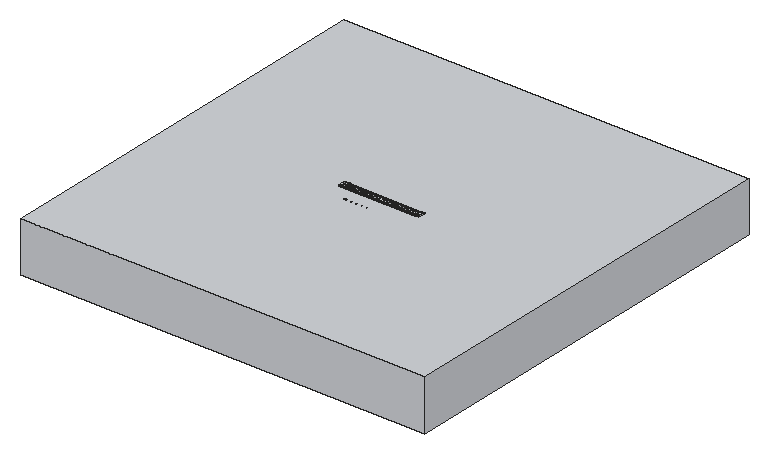
Revit family
Parameters (values of type "TM-PNLZ-24")
  Weight = 1.99 lbf
  U/M = "EA"
  U Space = "1"
  System = "Cat 6A Shielded"
  Serial Number = "TM-PNLZ-24"
  Segment = "COPPER"
  Ports = "24"
  Model = "PATCH PANEL"
  Metal = none
  Manufacturer = "SIEMON"
  Loaded/Empty = "Empty"
  Item Group = "PATCH PANELS"
  Item Class = "GF"
  Description = "TERA/MAX PATCH PANEL,24 PORT,1RMS,PLATED"
  Default Elevation = 4' - 0"
  Color = "Silver"
Types (3): name | Weight | Serial Number | Description | Color
  (no name) | 1.99 lbf | "TM-PNLZ-24" | "TERA/MAX PATCH PANEL,24 PORT,1RMS,PLATED" | "Silver"
  TM-PNLZ-24 | 1.99 lbf | "TM-PNLZ-24" | "TERA/MAX PATCH PANEL,24 PORT,1RMS,PLATED" | "Silver"
  TM-PNLZ-24-01 | 2.00 lbf | "TM-PNLZ-24-01" | "TERA/MAX PATCH PANEL,24 PORT,1RMS,BLACK" | "Black"
Reference planes (in)
  plane 1 "Center (Front/Back)": y = 0
  plane 2: z = 0
  plane 3 "Center (Left/Right)": x = 0
Forms (in)
  Extrusion 1, solid
    sketch origin (0, 0, 0) x (1, 0, 0) y (0, 1, 0)
      loop
        line (-48, 48) -> (-48, -48) -> (48, -48) -> (48, 48) -> (-48, 48)
    from 0 to -12
Dimensions and locks (in)
  aligned and locked: plane 2 to Extrusion 1
  aligned and locked: level to Extrusion 1
Nested families (in)
  nested 1: "TM-PNLZ-24(-01)[1]" at (0, 1.51423, -1.95094), type "Black_TM-PNLZ-24-01"
Definition of nested family "TM-PNLZ-24(-01)[1]"
  Parameters (values of type "Metallic_TM-PNLZ-24")
    Weight = "0.9 kgs (2.0 lbs)"
    UL Rating = "UL 1863"
    U Space / Capacity = "1U"
    Text = Text1
    Part Number = "TM-PNLZ-24"
    Metallic = yes
    Material = Cold rolled steel (CRS) w/ metallic finish
    Manufacturer Contact Info / Website = "www.siemon.com"
    Manufacturer = "Siemon"
    Dimensions (H x W x D) = "44.5mm x 483mm x 98mm\r\n(1.75 in. x 19.0 in. x 3.85 in.)"
    Description = "TERA-MAX Patch Panel"
    Clearance = "50mm (2.0 in.) Front and Rear"
    Black = no
  Types (3): name | Text | Part Number | Metallic | Material | Black
    (no name) | Text1 | "TM-PNLZ-24" | yes | Cold rolled steel (CRS) w/ metallic finish | no
    Black_TM-PNLZ-24-01 | Text | "TM-PNLZ-24-01" | no | Cold rolled steel (CRS) w/ black finish | yes
    Metallic_TM-PNLZ-24 | Text1 | "TM-PNLZ-24" | yes | Cold rolled steel (CRS) w/ metallic finish | no
  Reference planes (in)
    plane 1 "Center (Front/Back)": y = -1.51423
    plane 2: z = 1.95094
    plane 3 "Center (Left/Right)": x = 0
    plane 4: y = -2.62326
    plane 5: y = -2.62326
  Forms (in)
    Extrusion 1, solid, material "Cold rolled steel (CRS) w/ metallic finish" <- "Material"
      sketch origin (38.18176, -7.67018, 6.66186) x (0, 0, 1) y (0, -1, 0)
        loop
          arc (-4.65312, -4.69652) -> (-4.62354, -4.70979) -> (-4.61377, -4.7407) r 0.03961
          line (-4.61377, -4.7407) -> (-4.55267, -4.7407)
          arc (-4.55267, -4.7407) -> (-4.58042, -4.66667) -> (-4.65312, -4.63558) r 0.10055
          line (-4.65312, -4.63558) -> (-7.09165, -4.63558)
          arc (-7.09165, -4.63558) -> (-7.14116, -4.64862) -> (-7.17784, -4.68434) r 0.10055
          line (-7.17784, -4.68434) -> (-7.44212, -5.12419)
          arc (-7.44212, -5.12419) -> (-7.45657, -5.13826) -> (-7.47608, -5.1434) r 0.03961
          line (-7.47608, -5.1434) -> (-7.47608, -5.20434)
          arc (-7.47608, -5.20434) -> (-7.42656, -5.1913) -> (-7.38989, -5.15558) r 0.10055
          line (-7.38989, -5.15558) -> (-7.1256, -4.71573)
          arc (-7.1256, -4.71573) -> (-7.11116, -4.70166) -> (-7.09165, -4.69652) r 0.03961
          line (-7.09165, -4.69652) -> (-4.65312, -4.69652)
      from -46.88806 to -29.63806
    Extrusion 2, solid, material "Cold rolled steel (CRS) w/ metallic finish" <- "Material"
      sketch origin (-31.07289, 80.31422, -4.2342) x (0, -1, 0) y (1, 0, 0)
        loop
          arc (81.61182, 21.6097) -> (81.64641, 21.52619) -> (81.72993, 21.49159) r 0.11811
          line (81.72993, 21.49159) -> (83.23071, 21.49159)
          arc (83.23071, 21.49159) -> (83.31423, 21.52619) -> (83.34882, 21.6097) r 0.11811
          line (83.34882, 21.6097) -> (83.34882, 22.27659) -> (83.2437, 22.27659) -> (83.2437, 39.70659) -> (83.34882, 39.70659) -> (83.34882, 40.37159)
          arc (83.34882, 40.37159) -> (83.31367, 40.45645) -> (83.22882, 40.49159) r 0.12
          line (83.22882, 40.49159) -> (81.73369, 40.49159)
          arc (81.73369, 40.49159) -> (81.64752, 40.4559) -> (81.61182, 40.36972) r 0.12188
          line (81.61182, 40.36972) -> (81.61182, 39.70659) -> (81.71682, 39.70659) -> (81.71682, 22.27659) -> (81.61182, 22.27659) -> (81.61182, 21.6097)
        loop
          line (82.29982, 22.30659) -> (83.06882, 22.30659) -> (83.06882, 22.89159) -> (82.29982, 22.89159) -> (82.29982, 22.30659)
        loop
          arc (81.71532, 21.76459) -> (81.85532, 21.62459) -> (81.99532, 21.76459) r 0.14
          line (81.99532, 21.76459) -> (81.99532, 21.89059)
          arc (81.99532, 21.89059) -> (81.85532, 22.03059) -> (81.71532, 21.89059) r 0.14
          line (81.71532, 21.89059) -> (81.71532, 21.76459)
        loop
          arc (82.96532, 21.76459) -> (83.10532, 21.62459) -> (83.24532, 21.76459) r 0.14
          line (83.24532, 21.76459) -> (83.24532, 21.89059)
          arc (83.24532, 21.89059) -> (83.10532, 22.03059) -> (82.96532, 21.89059) r 0.14
          line (82.96532, 21.89059) -> (82.96532, 21.76459)
        loop
          line (82.29982, 23.03594) -> (83.06882, 23.03594) -> (83.06882, 23.62094) -> (82.29982, 23.62094) -> (82.29982, 23.03594)
        loop
          line (82.29982, 23.76529) -> (83.06882, 23.76529) -> (83.06882, 24.35029) -> (82.29982, 24.35029) -> (82.29982, 23.76529)
        loop
          line (82.29982, 24.49464) -> (83.06882, 24.49464) -> (83.06882, 25.07964) -> (82.29982, 25.07964) -> (82.29982, 24.49464)
        loop
          line (82.29982, 25.22399) -> (83.06882, 25.22399) -> (83.06882, 25.80899) -> (82.29982, 25.80899) -> (82.29982, 25.22399)
        loop
          line (82.29982, 25.95334) -> (83.06882, 25.95334) -> (83.06882, 26.53834) -> (82.29982, 26.53834) -> (82.29982, 25.95334)
        loop
          line (82.29982, 26.68269) -> (83.06882, 26.68269) -> (83.06882, 27.26769) -> (82.29982, 27.26769) -> (82.29982, 26.68269)
        loop
          line (82.29982, 27.41204) -> (83.06882, 27.41204) -> (83.06882, 27.99704) -> (82.29982, 27.99704) -> (82.29982, 27.41204)
        loop
          line (82.29982, 28.14139) -> (83.06882, 28.14139) -> (83.06882, 28.72639) -> (82.29982, 28.72639) -> (82.29982, 28.14139)
        loop
          line (82.29982, 28.87074) -> (83.06882, 28.87074) -> (83.06882, 29.45574) -> (82.29982, 29.45574) -> (82.29982, 28.87074)
        loop
          line (82.29982, 29.60009) -> (83.06882, 29.60009) -> (83.06882, 30.18509) -> (82.29982, 30.18509) -> (82.29982, 29.60009)
        loop
          line (82.29982, 30.32944) -> (83.06882, 30.32944) -> (83.06882, 30.91444) -> (82.29982, 30.91444) -> (82.29982, 30.32944)
        loop
          line (82.29982, 31.05879) -> (83.06882, 31.05879) -> (83.06882, 31.64379) -> (82.29982, 31.64379) -> (82.29982, 31.05879)
        loop
          line (82.29982, 31.78814) -> (83.06882, 31.78814) -> (83.06882, 32.37314) -> (82.29982, 32.37314) -> (82.29982, 31.78814)
        loop
          line (82.29982, 32.51749) -> (83.06882, 32.51749) -> (83.06882, 33.10249) -> (82.29982, 33.10249) -> (82.29982, 32.51749)
        loop
          line (82.29982, 33.24684) -> (83.06882, 33.24684) -> (83.06882, 33.83184) -> (82.29982, 33.83184) -> (82.29982, 33.24684)
        loop
          line (82.29982, 33.97619) -> (83.06882, 33.97619) -> (83.06882, 34.56119) -> (82.29982, 34.56119) -> (82.29982, 33.97619)
        loop
          line (82.29982, 34.70554) -> (83.06882, 34.70554) -> (83.06882, 35.29054) -> (82.29982, 35.29054) -> (82.29982, 34.70554)
        loop
          line (82.29982, 35.43489) -> (83.06882, 35.43489) -> (83.06882, 36.01989) -> (82.29982, 36.01989) -> (82.29982, 35.43489)
        loop
          line (82.29982, 36.16424) -> (83.06882, 36.16424) -> (83.06882, 36.74924) -> (82.29982, 36.74924) -> (82.29982, 36.16424)
        loop
          line (82.29982, 36.89359) -> (83.06882, 36.89359) -> (83.06882, 37.47859) -> (82.29982, 37.47859) -> (82.29982, 36.89359)
        loop
          line (82.29982, 37.62294) -> (83.06882, 37.62294) -> (83.06882, 38.20794) -> (82.29982, 38.20794) -> (82.29982, 37.62294)
        loop
          line (82.29982, 38.35229) -> (83.06882, 38.35229) -> (83.06882, 38.93729) -> (82.29982, 38.93729) -> (82.29982, 38.35229)
        loop
          line (82.29982, 39.08164) -> (83.06882, 39.08164) -> (83.06882, 39.66664) -> (82.29982, 39.66664) -> (82.29982, 39.08164)
        loop
          arc (81.71532, 40.09259) -> (81.85532, 39.95259) -> (81.99532, 40.09259) r 0.14
          line (81.99532, 40.09259) -> (81.99532, 40.21859)
          arc (81.99532, 40.21859) -> (81.85532, 40.35859) -> (81.71532, 40.21859) r 0.14
          line (81.71532, 40.21859) -> (81.71532, 40.09259)
        loop
          arc (82.96532, 40.09259) -> (83.10532, 39.95259) -> (83.24532, 40.09259) r 0.14
          line (83.24532, 40.09259) -> (83.24532, 40.21859)
          arc (83.24532, 40.21859) -> (83.10532, 40.35859) -> (82.96532, 40.21859) r 0.14
          line (82.96532, 40.21859) -> (82.96532, 40.09259)
      from 6.28255 to 6.34349
    Extrusion 3, solid, material "Cold rolled steel (CRS) w/ metallic finish" <- "Material"
      sketch origin (-40.08077, -2.24389, -6.68573) x (1, 0, 0) y (0, 0, -1)
        loop
          line (31.37447, -5.91652) -> (48.62447, -5.91652) -> (48.62447, -5.85902) -> (48.50947, -5.74402) -> (48.50947, -5.24402) -> (48.62447, -5.12902) -> (48.62447, -5.04402) -> (31.37447, -5.04402) -> (31.37447, -5.12902) -> (31.48947, -5.24402) -> (31.48947, -5.74402) -> (31.37447, -5.85902) -> (31.37447, -5.91652)
      from -0.28289 to -0.22196
    Extrusion 4, solid, material "Cold rolled steel (CRS) w/ metallic finish" <- "Material"
      sketch origin (38.18176, -5.9788, 6.66044) x (0, 0, 1) y (0, -1, 0)
        loop
          arc (-4.65143, -4.68283) -> (-4.63121, -4.68077) -> (-4.61182, -4.6747) r 0.10055
          arc (-4.61182, -4.6747) -> (-4.56583, -4.63507) -> (-4.55096, -4.57621) r 0.10073
          line (-4.55096, -4.57621) -> (-4.61229, -4.57621)
          arc (-4.61229, -4.57621) -> (-4.62135, -4.60805) -> (-4.65143, -4.62189) r 0.03961
          line (-4.65143, -4.62189) -> (-4.90635, -4.62189) -> (-4.90635, -4.68283) -> (-4.65143, -4.68283)
      from -46.88806 to -29.63806
    Extrusion 5, solid, material "Cold rolled steel (CRS) w/ metallic finish" <- "Material"
      sketch origin (-40.09445, -2.16609, -6.72558) x (1, 0, 0) y (0, 1, 0)
        loop
          arc (31.88909, -0.8685) -> (31.93085, -0.85121) -> (31.94815, -0.80945) r 0.05906
          line (31.94815, -0.80945) -> (31.94815, -0.4003) -> (31.38815, -0.4003) -> (31.38815, -0.80945)
          arc (31.38815, -0.80945) -> (31.40544, -0.85121) -> (31.4472, -0.8685) r 0.05906
          line (31.4472, -0.8685) -> (31.88909, -0.8685)
        loop
          circle (31.67252, -0.62983) r 0.0795
      from 4.98487 to 5.04581
    Extrusion 6, solid, material "Cold rolled steel (CRS) w/ metallic finish" <- "Material"
      sketch origin (38.16808, -7.67018, 6.30367) x (0, 0, 1) y (0, -1, 0)
        loop
          arc (-8.04437, -5.10379) -> (-8.01547, -5.17434) -> (-7.94537, -5.20433) r 0.10055
          line (-7.94537, -5.20433) -> (-7.94537, -5.14337)
          arc (-7.94537, -5.14337) -> (-7.97238, -5.13125) -> (-7.98343, -5.10379) r 0.03961
          line (-7.98343, -5.10379) -> (-8.04437, -5.10379)
      from -46.87438 to -46.31438
    Extrusion 7, solid, material "Cold rolled steel (CRS) w/ metallic finish" <- "Material"
      sketch origin (-40.13549, -2.19105, -6.72558) x (1, 0, 0) y (0, 1, 0)
        loop
          circle (31.71357, -0.60487) r 0.0795
        loop
          circle (31.71357, -0.60487) r 0.17266
      from 5.04581 to 5.13722
    Extrusion 8, solid, material "Cold rolled steel (CRS) w/ metallic finish" <- "Material"
      sketch origin (-23.40445, -2.16609, -6.72558) x (1, 0, 0) y (0, 1, 0)
        loop
          arc (31.88909, -0.8685) -> (31.93085, -0.85121) -> (31.94815, -0.80945) r 0.05906
          line (31.94815, -0.80945) -> (31.94815, -0.4003) -> (31.38815, -0.4003) -> (31.38815, -0.80945)
          arc (31.38815, -0.80945) -> (31.40544, -0.85121) -> (31.4472, -0.8685) r 0.05906
          line (31.4472, -0.8685) -> (31.88909, -0.8685)
        loop
          circle (31.67252, -0.62983) r 0.0795
      from 4.98487 to 5.04581
    Extrusion 9, solid, material "Cold rolled steel (CRS) w/ metallic finish" <- "Material"
      sketch origin (54.85808, -7.67018, 6.30367) x (0, 0, 1) y (0, -1, 0)
        loop
          arc (-8.04437, -5.10379) -> (-8.01547, -5.17434) -> (-7.94537, -5.20433) r 0.10055
          line (-7.94537, -5.20433) -> (-7.94537, -5.14337)
          arc (-7.94537, -5.14337) -> (-7.97238, -5.13125) -> (-7.98343, -5.10379) r 0.03961
          line (-7.98343, -5.10379) -> (-8.04437, -5.10379)
      from -46.87438 to -46.31438
    Extrusion 10, solid, material "Cold rolled steel (CRS) w/ metallic finish" <- "Material"
      sketch origin (-23.44549, -2.19105, -6.72558) x (1, 0, 0) y (0, 1, 0)
        loop
          circle (31.71357, -0.60487) r 0.0795
        loop
          circle (31.71357, -0.60487) r 0.17266
      from 5.04581 to 5.13722
  Lines and regions (in)
    reference lines
      curve 1: line (-9.17323, -1.51423, 2.55075) -> (-9.17323, -1.51423, -0.99256)
      curve 2: line (9.13386, -1.51423, 2.55075) -> (9.13386, -1.51423, -0.99256)
      curve 3: line (-10.94488, -1.51423, 1.95094) -> (11.10236, -1.51423, 1.95094)
  Dimensions and locks (in)
    curve 1 to plane 3 "Center (Left/Right)" to curve 2 = 0' - 9.17323", 0' - 9.13386"
